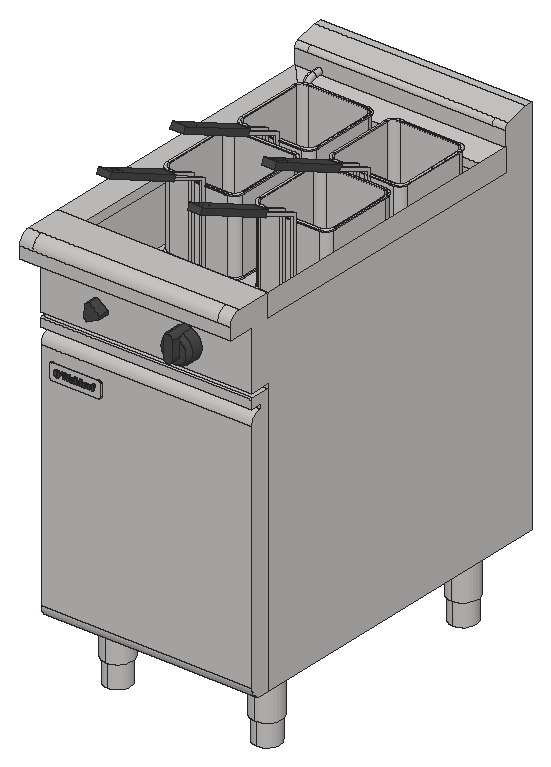
Revit family "QF_MOFFAT WALDORF_PCL8140G", category Specialty Equipment, Revit 2012 (continued)
Definition of nested family "WALDORF LOGO_FACE BASE"
  Forms (mm)
    Extrusion 3, solid, material "QF_Finishes_Black", visible <- "Show Logo"
      sketch origin (0, -33.217, 1.588) x (1, 0, 0) y (0, 1, 0)
        loop
          spline (45.703, 17.055) -> (45.741, 17.285) -> (45.852, 17.499) -> (46.028, 17.682) -> (46.258, 17.823) -> (46.526, 17.912) -> (46.813, 17.942) -> (47.1, 17.912) -> (47.368, 17.823) -> (47.597, 17.682) -> (47.774, 17.499) -> (47.884, 17.285) -> (47.922, 17.055)
          line (47.922, 17.055) -> (47.922, 16.222)
          arc (47.922, 16.222) -> (45.742, 16.014) -> (43.665, 15.317) r 9.604
          arc (43.665, 15.317) -> (41.924, 12.809) -> (43.665, 10.301) r 2.677
          arc (43.665, 10.301) -> (45.527, 10.353) -> (47.332, 10.816) r 8.365
          line (47.332, 10.816) -> (48.092, 11.105) -> (48.092, 10.301) -> (51.817, 10.301) -> (51.817, 17.055)
          spline (51.817, 17.055) -> (51.654, 17.821) -> (51.178, 18.535) -> (50.419, 19.148) -> (49.431, 19.619) -> (48.28, 19.914) -> (47.044, 20.015) -> (45.809, 19.914) -> (44.658, 19.619) -> (43.67, 19.148) -> (42.911, 18.535) -> (42.434, 17.821) -> (42.272, 17.055)
        loop
          line (53.151, 23.214) -> (53.151, 10.301) -> (57.37, 10.301) -> (57.37, 23.214) -> (53.151, 23.214)
        loop
          line (64.874, 23.214) -> (64.874, 18.857)
          arc (64.874, 18.857) -> (58.083, 15.11) -> (64.874, 11.363) r 4.429
          line (64.874, 11.363) -> (64.874, 10.301) -> (68.378, 10.301) -> (68.378, 23.214) -> (64.874, 23.214)
        loop
          arc (64.874, 16.083) -> (61.41, 14.987) -> (64.874, 13.891) r 1.905
          line (64.874, 13.891) -> (64.874, 16.083)
        loop
          circle (74.623, 15.223) r 5
        loop
          spline (74.623, 17.856) -> (74.355, 17.766) -> (74.105, 17.503) -> (73.891, 17.084) -> (73.726, 16.539) -> (73.623, 15.904) -> (73.588, 15.223) -> (73.623, 14.541) -> (73.726, 13.906) -> (73.891, 13.361) -> (74.105, 12.942) -> (74.355, 12.679) -> (74.623, 12.59)
          spline (74.623, 12.59) -> (74.891, 12.679) -> (75.141, 12.942) -> (75.355, 13.361) -> (75.52, 13.906) -> (75.623, 14.541) -> (75.659, 15.223) -> (75.623, 15.904) -> (75.52, 16.539) -> (75.355, 17.084) -> (75.141, 17.503) -> (74.891, 17.766) -> (74.623, 17.856)
        loop
          line (81.255, 19.813) -> (81.255, 10.301) -> (84.834, 10.301) -> (84.834, 14.176)
          arc (84.834, 14.176) -> (85.854, 16.093) -> (88.013, 16.32) r 2.313
          line (88.013, 16.32) -> (88.013, 19.813) -> (87.161, 19.813)
          arc (87.161, 19.813) -> (85.526, 19.266) -> (84.549, 17.844) r 2.717
          line (84.549, 17.844) -> (84.549, 19.813) -> (81.255, 19.813)
        loop
          line (90.249, 19.813) -> (88.91, 19.813) -> (88.91, 17.614) -> (90.249, 17.614) -> (90.249, 10.301) -> (93.998, 10.301) -> (93.998, 17.614) -> (95.418, 17.614) -> (95.418, 19.813) -> (93.998, 19.813)
          arc (93.998, 19.813) -> (94.414, 20.817) -> (95.418, 21.233) r 1.42
          line (95.418, 21.233) -> (95.418, 23.602) -> (93.317, 23.602)
          arc (93.317, 23.602) -> (91.343, 22.903) -> (90.249, 21.118) r 3.137
          line (90.249, 21.118) -> (90.249, 19.813)
        loop
          arc (15.241, 23.571) -> (8.392, 16.525) -> (15.241, 9.479) r 7.049
          line (15.241, 9.479) -> (15.241, 23.571)
        loop
          line (15.641, 23.571) -> (15.641, 9.479)
          arc (15.641, 9.479) -> (22.49, 16.525) -> (15.641, 23.571) r 7.049
        loop
          arc (47.922, 14.711) -> (46.266, 13.749) -> (47.922, 12.787) r 1.107
          line (47.922, 12.787) -> (47.922, 14.711)
      from 0 to 0.2
  Dimensions and locks
    aligned and locked: plane 2 to Extrusion 1
    aligned and locked: level to Extrusion 1
Definition of nested family "PASTA COOKER BASKET"
  Parameters (values of type "PASTA COOKER BASKET")
    Width [instance] = 165.00 mm
    Weight in Pounds = 0
    URL Cutsheet = ""
    Type Mark [instance] = ""
    Status [instance] = ""
    Specification by User [instance] = ""
    Specification by Manufacturer = ""
    Show Rectangular Basket [instance] = no
    Serial Number = ""
    Seismic Rating = ""
    SMACNA No = ""
    Revision Code [instance] = ""
    Omniclass Number and Title = ""
    NAFEM Spec ID Number = ""
    Masterspec = ""
    Lenght = 165.00 mm
    Item Number [instance] = ""
    Installed By [instance] = ""
    Identify Quantity as Lot [instance] = yes
    Furnished By [instance] = ""
    Foodservice Equipment Identifier [instance] = yes
    Deep [instance] = if(Show Rectangular Basket, 320.00 mm, 180.00 mm)  # 180.00 mm
    CSI MasterFormat = ""
    CSI Master Format = ""
  Reference planes
    plane 1 "BACK": y = 0
    plane 2: z = 0
    plane 3 "LEFT": x = 0
    plane 4 "RIGHT": x = 165
    plane 5 "FRONT": y = -180
    plane 6 "TOP": z = 165
    plane 7 "Center Y": x = 82.5
    plane 8 "Center X": y = -90
  Forms (mm)
    Extrusion 1, solid, material "QF_Finishes_Stainless Steel"
      sketch origin (165, 0, 0) x (0, -1, 0) y (0, 0, 1)
        loop
          line (258.321, 214.429) -> (179.875, 177.848) -> (179.875, 0.812) -> (186.225, 0.812) -> (186.225, 173.748) -> (261.026, 208.628) -> (258.321, 214.429)
      from 68.233 to 73.793
    Sweep 2, solid, material "QF_Finishes_Mesh"
      path origin (0, 0, 0) x (1, 0, 0) y (0, 1, 0)
        loop
          line (145, -3) -> (19.718, -3)
          arc (19.718, -3) -> (7.896, -7.896) -> (3, -19.718) r 16.718
          line (3, -19.718) -> (3, -160)
          arc (3, -160) -> (7.979, -172.021) -> (20, -177) r 17
          line (20, -177) -> (145, -177)
          arc (145, -177) -> (157.021, -172.021) -> (162, -160) r 17
          line (162, -160) -> (162, -20)
          arc (162, -20) -> (157.021, -7.979) -> (145, -3) r 17
      profile origin (82.359, -3, 0) x (0, -1, 0) y (0, 0, 1)
        loop
          line (0, 1.758) -> (1.588, 1.758) -> (1.588, 163.821) -> (0, 163.821) -> (0, 1.758)
    Sweep 3, solid, material "QF_Finishes_Stainless Steel"
      path origin (0, 0, 0) x (1, 0, 0) y (0, 1, 0)
        loop
          line (145, 0) -> (20, 0)
          arc (20, 0) -> (5.858, -5.858) -> (0, -20) r 20
          line (0, -20) -> (0, -160)
          arc (0, -160) -> (5.858, -174.142) -> (20, -180) r 20
          line (20, -180) -> (145, -180)
          arc (145, -180) -> (159.142, -174.142) -> (165, -160) r 20
          line (165, -160) -> (165, -20)
          arc (165, -20) -> (159.142, -5.858) -> (145, 0) r 20
      profile origin (82.5, 0, 0) x (0, -1, 0) y (0, 0, 1)
        loop
          circle (1.979, 163.047) r 2
        loop
          circle (1.983, 1.992) r 2
    Extrusion 4, solid, material "QF_Finishes_Black"
      sketch origin (148.462, -934.483, 524.356) x (0, 0.9053, -0.424773) y (1, 0, 0)
        loop
          line (555.056, -51.695) -> (555.056, -80.501) -> (744.539, -80.501) -> (744.539, -51.695) -> (555.056, -51.695)
        loop
          line (598.929, -71.901) -> (598.929, -60.038) -> (568.929, -60.038) -> (568.929, -71.901) -> (598.929, -71.901)
      from -10.053 to 3.319
    Extrusion 5, solid, material "QF_Finishes_Mesh"
      sketch origin (145, -4.588, 1.758) x (0, 1, 0) y (1, 0, 0)
        loop
          line (-155.412, -140.412) -> (-15.13, -140.412)
          arc (-15.13, -140.412) -> (-4.432, -135.981) -> (0, -125.282) r 15.13
          line (0, -125.282) -> (0, 0)
          arc (0, 0) -> (-4.514, 10.898) -> (-15.412, 15.412) r 15.412
          line (-15.412, 15.412) -> (-155.412, 15.412)
          arc (-155.412, 15.412) -> (-166.311, 10.898) -> (-170.825, 0) r 15.412
          line (-170.825, 0) -> (-170.825, -125)
          arc (-170.825, -125) -> (-166.311, -135.898) -> (-155.412, -140.412) r 15.412
      from 0 to -1.662
    Extrusion 6, solid, material "QF_Finishes_Stainless Steel"
      sketch origin (0, 0, 0) x (0, -1, 0) y (0, 0, -1)
        loop
          line (258.321, -214.429) -> (261.026, -208.628) -> (186.225, -173.748) -> (186.225, -0.812) -> (179.875, -0.812) -> (179.875, -177.848) -> (258.321, -214.429)
      from 67.962 to 73.843
  Lines and regions (mm)
    symbolic lines
      curve 1: line (3, -19.718, 0) -> (3, -160, 0)
      curve 2: arc (19.718, -3, 0) -> (7.896, -7.896, 0) -> (3, -19.718, 0) r 16.718
      curve 3: line (145, -3, 0) -> (19.718, -3, 0)
      curve 4: arc (162, -20, 0) -> (157.021, -7.979, 0) -> (145, -3, 0) r 17
      curve 5: line (162, -160, 0) -> (162, -20, 0)
      curve 6: arc (145, -177, 0) -> (157.021, -172.021, 0) -> (162, -160, 0) r 17
      curve 7: line (20, -177, 0) -> (145, -177, 0)
      curve 8: arc (3, -160, 0) -> (7.979, -172.021, 0) -> (20, -177, 0) r 17
      curve 9: line (67.962, -180, 0) -> (67.962, -433.401, 0)
      curve 10: line (73.843, -256.182, 0) -> (73.843, -179.791, 0)
      curve 11: line (91.207, -180, 0) -> (91.207, -256.182, 0)
      curve 12: line (96.767, -433.401, 0) -> (96.767, -180, 0)
      curve 13: line (96.767, -256.182, 0) -> (67.962, -256.182, 0)
      curve 14: line (88.425, -388.002, 0) -> (88.425, -415.161, 0)
      curve 15: line (76.562, -415.161, 0) -> (76.562, -388.002, 0)
      curve 16: line (76.562, -415.161, 0) -> (88.425, -415.161, 0)
      curve 17: line (76.562, -388.002, 0) -> (88.425, -388.002, 0)
      curve 18: line (0, -19.718, 0) -> (0, -160, 0)
      curve 19: arc (0, -160, 0) -> (5.858, -174.142, 0) -> (20, -180, 0) r 20
      curve 20: line (20, -180, 0) -> (145, -180, 0)
      curve 21: arc (145, -180, 0) -> (159.142, -174.142, 0) -> (165, -160, 0) r 20
      curve 22: line (165, -160, 0) -> (165, -20, 0)
      curve 23: arc (165, -20, 0) -> (159.142, -5.858, 0) -> (145, 0, 0) r 20
      curve 24: line (145, 0, 0) -> (19.718, 0, 0)
      curve 25: arc (19.718, 0, 0) -> (5.775, -5.775, 0) -> (0, -19.718, 0) r 19.718
      curve 26: line (96.767, -433.401, 0) -> (67.962, -433.401, 0)
  Dimensions and locks
    equal spacing: plane 3 "LEFT", plane 7 "Center Y", plane 4 "RIGHT"
    "Width": plane 3 "LEFT" to plane 4 "RIGHT"
    equal spacing: plane 5 "FRONT", plane 8 "Center X", plane 1 "BACK"
    "Deep": plane 5 "FRONT" to plane 1 "BACK"
    "Lenght": plane 6 "TOP" to level
    Extrusion 1 sketch curve to Extrusion 1 sketch curve to Extrusion 1 sketch curve to plane 5 "FRONT" = 2.705 mm locked, 72.096 mm locked, 6.225 mm locked
    Extrusion 4 to Extrusion 4 to Extrusion 4 to Extrusion 4 to plane 5 "FRONT" = 5.68 mm locked, 165.859 mm locked, 5.68 mm locked, 76.182 mm locked
    Extrusion 6 sketch curve to Extrusion 6 sketch curve to Extrusion 6 sketch curve = 2.705 mm locked, 72.096 mm locked
    aligned and locked: level to plane 2
  Automatic sketch dimensions
    Extrusion 1 sketch curve to plane 5 "FRONT" = 0.125 mm
    level to Extrusion 1 sketch curve = 0.812 mm
    plane 6 "TOP" to Extrusion 1 sketch curve = 8.748 mm
    Extrusion 1 sketch curve to Extrusion 1 sketch curve = 4.101 mm
    plane 3 "LEFT" to Sweep 2 sketch curve = 3.00 mm
    Sweep 2 sketch curve to Sweep 2 sketch curve = 16.718 mm
    Sweep 2 sketch curve to plane 5 "FRONT" = 3.00 mm
    plane 3 "LEFT" to Sweep 2 sketch curve = 20.00 mm
    plane 4 "RIGHT" to Sweep 2 sketch curve = 20.00 mm  (x2)
    plane 4 "RIGHT" to Sweep 2 sketch curve = 3.00 mm
    plane 1 "BACK" to Sweep 2 sketch curve = 20.00 mm
    Sweep 2 sketch curve to profile plane = 0.00 mm
    Sweep 2 sketch curve to profile plane = 1.588 mm
    level to Sweep 2 sketch curve = 1.758 mm
    Sweep 2 sketch curve to Sweep 2 sketch curve = 162.063 mm
    Sweep 3 sketch curve to plane 3 "LEFT" = 0.00 mm
    plane 1 "BACK" to Sweep 3 sketch curve = 0.00 mm
    plane 5 "FRONT" to Sweep 3 sketch curve = 0.00 mm
    Sweep 3 sketch curve to plane 4 "RIGHT" = 0.00 mm
    plane 3 "LEFT" to Sweep 3 sketch curve = 20.00 mm  (x2)
    plane 1 "BACK" to Sweep 3 sketch curve = 20.00 mm
    plane 4 "RIGHT" to Sweep 3 sketch curve = 20.00 mm
    Sweep 3 sketch curve to profile plane = 1.979 mm
    Sweep 3 sketch curve to profile plane = 1.983 mm
    level to Sweep 3 sketch curve = 1.992 mm
    Sweep 3 sketch curve to Sweep 3 sketch curve = 161.055 mm
    plane 7 "Center Y" to Extrusion 4 sketch curve = 14.267 mm
    plane 7 "Center Y" to Extrusion 4 sketch curve = 5.925 mm
    Extrusion 4 sketch curve to Extrusion 4 sketch curve = 13.874 mm
    Extrusion 4 sketch curve to plane 7 "Center Y" = 5.938 mm
    Extrusion 4 sketch curve to Extrusion 4 sketch curve = 30.00 mm
    Extrusion 4 sketch curve to plane 7 "Center Y" = 14.538 mm
    Extrusion 4 sketch curve to Extrusion 4 sketch curve = 145.609 mm
    Sweep 2 to Extrusion 5 sketch curve = 15.412 mm
    Sweep 2 to Extrusion 5 sketch curve = 15.13 mm
    Extrusion 6 sketch curve to plane 5 "FRONT" = 0.125 mm
    level to Extrusion 6 sketch curve = 0.812 mm
    plane 5 "FRONT" to Extrusion 6 sketch curve = 6.225 mm
    plane 6 "TOP" to Extrusion 6 sketch curve = 8.748 mm
    Extrusion 6 sketch curve to Extrusion 6 sketch curve = 4.101 mm
    curve 2 to curve 25 = 0.00 mm  (x2)
    curve 4 to curve 23 = 0.00 mm  (x2)
    curve 6 to curve 21 = 0.00 mm  (x2)
    curve 8 to curve 19 = 0.00 mm
    curve 25 to plane 3 "LEFT" = 0.00 mm
    plane 1 "BACK" to curve 25 = 0.00 mm
    plane 5 "FRONT" to curve 9 = 0.00 mm
    curve 22 to plane 4 "RIGHT" = 0.00 mm
    plane 3 "LEFT" to curve 2 = 3.00 mm
    curve 1 to curve 25 = 16.718 mm
    plane 3 "LEFT" to curve 7 = 20.00 mm
    curve 9 to plane 7 "Center Y" = 14.538 mm
    curve 10 to plane 5 "FRONT" = 0.209 mm
    curve 9 to curve 10 = 5.882 mm
    curve 15 to plane 7 "Center Y" = 5.938 mm
    plane 7 "Center Y" to curve 14 = 5.925 mm
    plane 7 "Center Y" to curve 11 = 8.707 mm
    curve 11 to curve 13 = 5.56 mm
    plane 4 "RIGHT" to curve 6 = 20.00 mm
    plane 4 "RIGHT" to curve 23 = 20.00 mm
    plane 5 "FRONT" to curve 13 = 76.182 mm
    curve 17 to curve 10 = 131.82 mm
    curve 16 to curve 14 = 27.159 mm
    curve 9 to curve 15 = 18.24 mm
    radius of Sweep 3 sketch curve = 2.00 mm  (x2)
    radius of Extrusion 5 sketch curve to Sweep 2 = 0.00 mm  (x2)
Definition of nested family "PCL8140G-CASTERS"
  Parameters (values of type "BTL8450-CB-CASTERS")
    Weight = ""
    URL Manufacturer = ""
    URL Cutsheet = ""
    URL = ""
    Type Mark [instance] = ""
    Status [instance] = ""
    Specification by User [instance] = ""
    Specification by Manufacturer = ""
    Show Casters [instance] = no
    Serial Number = ""
    Seismic Rating = ""
    SMACNA No = ""
    Revision Code [instance] = ""
    Omniclass Number and Title = ""
    NAFEM Spec ID Number = ""
    Model = ""
    MasterSpec. = ""
    Manufacturer = ""
    Item Number [instance] = ""
    Installed By [instance] = ""
    Identify Quantity as Lot [instance] = yes
    Furnished By [instance] = ""
    Foodservice Equipment Identifier [instance] = yes
    Description = ""
    CSI MasterFormat = ""
    CSI Master Format = ""
    Assembly Code = ""
  Reference planes
    plane 1: z = 0
    plane 2 "RIGHT": x = 0
    plane 3 "FRONT": y = 0
    plane 4 "TOP": z = 150
  Forms (mm)
    Revolve 1, solid, material "QF_Finishes_Stainless Steel", visible <- "Show Casters"
      sketch origin (0, 56.335, 0) x (0, 1, 0) y (0, 0, 1)
        loop
          line (-56.335, 150) -> (-56.335, 141.118) -> (-23.798, 141.118) -> (-23.798, 150) -> (-56.335, 150)
        axis (-56.335, 141.118) -> (-56.335, 150)
      angle from 0 to 360
    Extrusion 2, solid, material "QF_Finishes_Stainless Steel", visible <- "Show Casters"
      sketch origin (-46.049, 56.335, 0) x (0, 1, 0) y (0, 0, 1)
        loop
          line (-85.799, 141.118) -> (-85.799, 133.498) -> (-82.136, 133.498)
          arc (-82.136, 133.498) -> (-79.344, 132.328) -> (-77.146, 130.248) r 8.432
          line (-77.146, 130.248) -> (-39.502, 49.52)
          arc (-39.502, 49.52) -> (-13.784, 46.107) -> (-5.673, 70.75) r 20.32
          arc (-5.673, 70.75) -> (-7.065, 73.611) -> (-8.887, 76.22) r 20.32
          arc (-8.887, 76.22) -> (-9.399, 85.377) -> (-6.626, 94.119) r 25.4
          line (-6.626, 94.119) -> (8.003, 121.632)
          arc (8.003, 121.632) -> (-2.347, 126.31) -> (-13.34, 129.167) r 66.802
          line (-13.34, 129.167) -> (-13.765, 133.498) -> (-26.871, 133.498) -> (-26.871, 141.118) -> (-85.799, 141.118)
      from 20.058 to 22.923
    Extrusion 3, solid, material "QF_Finishes_Stainless Steel", visible <- "Show Casters"
      sketch origin (3.326, 56.335, 0) x (0, 1, 0) y (0, 0, 1)
        loop
          line (-85.799, 141.118) -> (-85.799, 133.498) -> (-82.136, 133.498)
          arc (-82.136, 133.498) -> (-79.344, 132.328) -> (-77.146, 130.248) r 8.432
          line (-77.146, 130.248) -> (-39.502, 49.52)
          arc (-39.502, 49.52) -> (-13.784, 46.107) -> (-5.673, 70.75) r 20.32
          arc (-5.673, 70.75) -> (-7.065, 73.611) -> (-8.887, 76.22) r 20.32
          arc (-8.887, 76.22) -> (-9.399, 85.377) -> (-6.626, 94.119) r 25.4
          line (-6.626, 94.119) -> (8.003, 121.632)
          arc (8.003, 121.632) -> (-2.347, 126.31) -> (-13.34, 129.167) r 66.802
          line (-13.34, 129.167) -> (-13.765, 133.498) -> (-26.871, 133.498) -> (-26.871, 141.118) -> (-85.799, 141.118)
      from 20.058 to 22.923
    Extrusion 4, solid, material "QF_Finishes_Stainless Steel", visible <- "Show Casters"
      sketch origin (-49.224, 56.335, 0) x (0, 1, 0) y (0, 0, 1)
        loop
          line (-85.799, 141.118) -> (-85.799, 133.498) -> (-82.136, 133.498) -> (-18.877, 127.964) -> (7.14, 120.01) -> (8.003, 121.632)
          arc (8.003, 121.632) -> (-2.347, 126.31) -> (-13.34, 129.167) r 66.802
          line (-13.34, 129.167) -> (-13.765, 133.498) -> (-26.871, 133.498) -> (-26.871, 141.118) -> (-85.799, 141.118)
      from 26.098 to 72.56
    Revolve 5, solid, material "QF_Finishes_Stainless Steel", visible <- "Show Casters"
      sketch origin (-49.224, 30.821, 0) x (1, 0, 0) y (0, 0, 1)
        loop
          line (14.841, 63.604) -> (83.584, 63.604) -> (83.584, 67.109) -> (82.314, 68.379) -> (80.79, 68.379) -> (80.79, 71.826) -> (68.644, 71.826) -> (68.644, 81.79) -> (65.088, 83.843) -> (61.683, 104.879) -> (65.881, 104.879) -> (65.881, 111.229) -> (65.088, 111.229) -> (65.088, 117.579)
          arc (65.088, 117.579) -> (62.298, 124.314) -> (55.563, 127.104) r 9.525
          line (55.563, 127.104) -> (42.863, 127.104)
          arc (42.863, 127.104) -> (36.127, 124.314) -> (33.338, 117.579) r 9.525
          line (33.338, 117.579) -> (33.338, 111.229) -> (32.544, 111.229) -> (32.544, 104.879) -> (36.742, 104.879) -> (33.352, 83.932) -> (29.782, 81.871) -> (29.782, 71.826) -> (17.635, 71.826) -> (17.635, 68.379) -> (16.111, 68.379) -> (14.841, 67.109) -> (14.841, 63.604)
        axis (14.841, 63.604) -> (83.584, 63.604)
      angle from 0 to 360
  Cuts and joins
    joined: Extrusion 2, Extrusion 3, Extrusion 4
  Lines and regions (mm)
    symbolic lines, style "SpecialityEquipmentHiddenLines", visible <- "Show Casters"
      curve 1: line (18.009, 67.053, 0) -> (45.595, 51.127, 0)
      curve 2: line (-45.491, -42.932, 0) -> (18.009, 67.053, 0)
      curve 3: line (-17.905, -58.859, 0) -> (-45.491, -42.932, 0)
      curve 4: line (45.595, 51.127, 0) -> (-17.905, -58.859, 0)
  Dimensions and locks
    plane 4 "TOP" to level = 150.00 mm  (x2)
    Revolve 5 sketch curve to Revolve 5 sketch curve = 63.50 mm
    aligned and locked: level to plane 1
